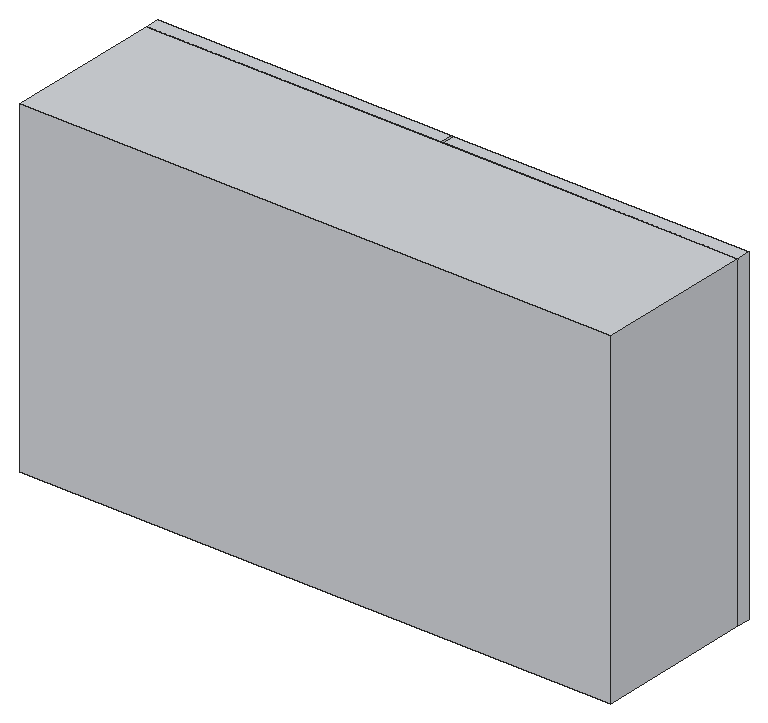
Revit family "Upper Cabinet - 2 Doors with Glass", category 케이스워크, Revit 2026
Family settings
  호스트 = 벽
  항상 수직 = 예
  로드될 때 보이드를 사용하여 절단 = 아니오
  공유 = 아니오
  룸 계산 점 = 아니오
Parameters (values of type "1000 x 557 x 290mm")
  폭 = 1000 mm
  기본 높이 = 0 mm
  Materiale = none
  제조업체 = "Revit"
  높이 = 557 mm
  Maniglia = none
  Vetro = Glass
  깊이 = 290 mm
  Assembly Code = ""
Types (6, lengths in mm): name | 폭 | 높이 | Assembly Code
  600 x 720 x 290mm | 600 | 720 | "C1030400"
  800 x 720 x 290mm | 800 | 720 | "C1030400"
  1000 x 720 x 290mm | 1000 | 720 | "C1030400"
  600 x 557 x 290mm | 600 | 557 | "C1030400"
  800 x 557 x 290mm | 800 | 557 | "C1030400"
  1000 x 557 x 290mm | 1000 | 557 | ""
Reference planes
  plane 1: y = 0
  plane 2 "Center (Left/Right)": x = 175
  plane 3 "Back": y = 75
  plane 4: z = 2039.786
  plane 5: z = 1482.786
  plane 6: x = 675
  plane 7: x = -325
  plane 8: y = 365
  plane 9: z = 1504.786
Forms (mm)
  Extrusion 1, solid, material <- "Materiale"
    sketch origin (0, 0, 0) x (1, 0, 0) y (0, 1, 0)
      loop
        line (-325, 343) -> (-325, 75) -> (675, 75) -> (675, 343) -> (653, 343) -> (653, 97) -> (-303, 97) -> (-303, 343) -> (-325, 343)
    from 1482.786 to 2017.786
  Extrusion 2, solid, material <- "Materiale"
    sketch origin (0, 0, 2017.786) x (1, 0, 0) y (0, 1, 0)
      loop
        line (-325, 343) -> (-325, 75) -> (675, 75) -> (675, 343) -> (-325, 343)
    from 0 to 22
  Extrusion 3, solid, material <- "Materiale"
    sketch origin (0, 0, 1319.786) x (1, 0, 0) y (0, 1, 0)
      loop
        line (-325, 343) -> (-325, 75) -> (675, 75) -> (675, 343) -> (-325, 343)
    from 185 to 163
  Extrusion 4, solid, material <- "Materiale"
    sketch origin (675, 343, 2017.786) x (0, 0, -1) y (-1, 0, 0)
      loop
        line (-22, 0) -> (535, 0) -> (535, 498) -> (-22, 498) -> (-22, 0)
      loop
        line (58, 80) -> (435, 80) -> (435, 418) -> (58, 418) -> (58, 80)
      loop
        line (-22, 1000) -> (-22, 502) -> (535, 502) -> (535, 1000) -> (-22, 1000)
      loop
        line (58, 920) -> (58, 582) -> (435, 582) -> (435, 920) -> (58, 920)
    from 0 to 22
  Extrusion 5, solid, material "Glass" <- "Vetro"
    sketch origin (0, 365, 0) x (1, 0, 0) y (0, 0, 1)
      loop
        line (595, 1959.786) -> (257, 1959.786) -> (257, 1582.786) -> (595, 1582.786) -> (595, 1959.786)
      loop
        line (93, 1959.786) -> (-245, 1959.786) -> (-245, 1582.786) -> (93, 1582.786) -> (93, 1959.786)
    from 0 to 8
Cuts and joins
  joined: Extrusion 1, Extrusion 2, Extrusion 3
Text (mm)
  text "Placement side" at (-1343.702, 674.496, 0), in view "Ref. Level"
  text "Placement side" at (0, 1232.041, 2958.779), in view "Left"
  text "Placement side" at (0, 590.385, 3035.99), in view "Right"
Dimensions and locks
  locked: plane 3 "Back" to host wall at 0
  "깊이": plane 3 "Back" to plane 8
  equal spacing: plane 7, plane 2 "Center (Left/Right)", plane 6
  "높이": plane 5 to plane 4
  "폭": plane 6 to plane 7
  locked: plane 5 to plane 9 at 22
  locked: plane 5 to nested 1 at 59
  locked: Extrusion 4 sketch curve to Extrusion 4 sketch curve at 100  (x2)
  locked: Extrusion 4 sketch curve to Extrusion 4 sketch curve at 80  (x6)
  locked: Extrusion 4 sketch curve to Extrusion 4 sketch curve at 4
  equal spacing: plane 6, nested 1, plane 2 "Center (Left/Right)"
  equal spacing: plane 2 "Center (Left/Right)", nested 2, plane 7
  locked: plane 5 to nested 2 at 47
  aligned and locked: plane 1 to host wall
  aligned and locked: Extrusion 1 sketch curve to plane 7
  aligned and locked: plane 6 to Extrusion 1 sketch curve
  aligned and locked: plane 3 "Back" to Extrusion 1 sketch curve
  aligned and locked: Extrusion 2 to plane 4
  aligned and locked: Extrusion 1 to Extrusion 2
  aligned and locked: Extrusion 1 to Extrusion 3
  aligned and locked: plane 8 to nested 1
  aligned and locked: Extrusion 3 to plane 9
  aligned and locked: plane 5 to cut or joined group of Extrusion 1, Extrusion 2, Extrusion 3
  aligned and locked: Extrusion 4 sketch curve to plane 5
  aligned and locked: plane 5 to Extrusion 4 sketch curve
  aligned and locked: plane 4 to Extrusion 4 sketch curve
  aligned and locked: Extrusion 4 sketch curve to plane 4
  aligned and locked: Extrusion 4 sketch curve to plane 7
  aligned and locked: Extrusion 4 sketch curve to plane 6
Automatic sketch dimensions
  plane 7 to Extrusion 1 sketch curve = 22 mm
  Extrusion 1 sketch curve to plane 6 = 22 mm
  host wall to Extrusion 1 sketch curve = 22 mm
  plane 8 to Extrusion 1 sketch curve = 22 mm  (x2)
  Extrusion 2 sketch curve to host wall = 0 mm
  Extrusion 2 sketch curve to plane 7 = 0 mm
  Extrusion 2 sketch curve to plane 6 = 0 mm
  plane 8 to Extrusion 2 sketch curve = 22 mm
  Extrusion 3 sketch curve to host wall = 0 mm
  Extrusion 3 sketch curve to plane 7 = 0 mm
  Extrusion 3 sketch curve to plane 6 = 0 mm
  plane 8 to Extrusion 3 sketch curve = 22 mm
  Extrusion 4 sketch curve to plane 2 "Center (Left/Right)" = 2 mm
  plane 7 to Extrusion 5 sketch curve = 80 mm
  Extrusion 5 sketch curve to plane 2 "Center (Left/Right)" = 82 mm
  plane 2 "Center (Left/Right)" to Extrusion 5 sketch curve = 82 mm
  Extrusion 5 sketch curve to plane 6 = 80 mm
  Extrusion 5 sketch curve to plane 9 = 78 mm  (x2)
  plane 4 to Extrusion 5 sketch curve = 80 mm  (x2)
Nested families
  nested 1: "Casework Handle" at (699.877, 388, 1529.786), type "220 x 23mm"
  nested 2: "Casework Handle" at (199.877, 388, 1529.786), type "220 x 23mm"
Definition of nested family "Casework Handle"
  Parameters
    Default Elevation = 0 mm
    Material = none
  Reference planes
    plane 1 "Center (Front/Back)": y = 0
    plane 2: z = 0
    plane 3 "Center (Left/Right)": x = -274.877
    plane 4: x = -384.877
    plane 5: x = -164.877
    plane 6: y = 23
    plane 7: z = 12
  Forms (mm)
    Sweep 1, solid, material <- "Material"
      path origin (0, 0, 0) x (1, 0, 0) y (0, 1, 0)
        loop
          line (-384.877, 23) -> (-384.877, 2.5)
          arc (-384.877, 2.5) -> (-384.145, 0.732) -> (-382.377, 0) r 2.5
          line (-382.377, 0) -> (-167.377, 0)
          arc (-167.377, 0) -> (-165.609, 0.732) -> (-164.877, 2.5) r 2.5
          line (-164.877, 2.5) -> (-164.877, 23)
      profile origin (0, 12.75, 0) x (1, 0, 0) y (0, 0, 1)
        loop
          line (-384.877, 0) -> (-382.877, 0) -> (-382.877, 12) -> (-384.877, 12) -> (-384.877, 0)
    Extrusion 2, solid, material <- "Material"
      sketch origin (0, 0, 0) x (1, 0, 0) y (0, 1, 0)
        loop
          arc (-382.877, 2.5) -> (-382.731, 2.146) -> (-382.377, 2) r 0.5
          line (-382.377, 2) -> (-167.377, 2)
          arc (-167.377, 2) -> (-167.023, 2.146) -> (-166.877, 2.5) r 0.5
          line (-166.877, 2.5) -> (-166.877, 23) -> (-382.877, 23) -> (-382.877, 2.5)
      from 2.765 to 9.254
  Dimensions and locks
    equal spacing: plane 4, plane 3 "Center (Left/Right)", plane 5
